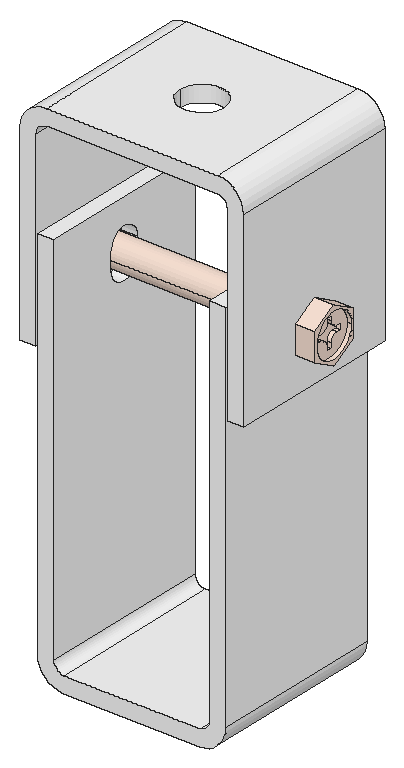
Revit family "60×30×10ボックスハンガー", category 機械設備, Revit 2020
Family settings
  丸型コネクタ寸法 = 直径を使用
  種別 = なし
  パーツ タイプ = 標準
  作業面ベース = いいえ
  常に垂直 = はい
  ロード時にボイドで切り取り = いいえ
  共有 = いいえ
  部屋計算ポイント = いいえ
Parameters
  製造元 = "株式会社桐井製作所"
  既定の高さ = 0 mm
  URL = "https://www.kirii.co.jp/"
  K_角度 [instance] = 90.00°
  K_材質 = "SGHC　一般用"
  K_品名 = "60×30×10ボックスハンガー"
  K_名称 = "その他ハンガー"
  K_入数 = "100"
  K_バージョン情報 = "20211012"
  K_めっき付着量 = "Z12"
  K_JIS規格 = "JIS G 3302"
Reference planes
  plane 1 "中心(正面/背面)": y = 0
  plane 2: z = 0
  plane 3 "中心(左/右)": x = 0
Dimensions and locks
  "K_角度": angle nested 1 to plane 2
  aligned and locked: level to plane 2
Nested families
  nested 1: "60BOXハンガー下部金具" at (0, 0, 0), type "60BOXハンガー下部金具"
  nested 2: "60BOXハンガー上部金具" at (0, 0, 0), type "60BOXハンガー上部金具"
Definition of nested family "60BOXハンガー下部金具"
  Parameters (values of type "60BOXハンガー下部金具")
    Manufacturer = "株式会社桐井製作所"
    Default Elevation = 0 mm
    URL = "https://www.kirii.co.jp/"
    K_名称 = "60ボックスハンガー下部金具"
    K_バージョン情報 = "20211012"
  Reference planes
    plane 1 "中心(正面/背面)": y = 0
    plane 2: z = 0
    plane 3 "中心(左/右)": x = 0
  Forms (mm)
    Extrusion 1, solid
      sketch origin (0, 0, 10.261) x (1, 0, 0) y (0, 0, 1)
        loop
          line (18.678, -75.061) -> (18.678, -0.261) -> (15.478, -0.261) -> (15.478, -75.061)
          arc (15.478, -75.061) -> (14.892, -76.475) -> (13.478, -77.061) r 2
          line (13.478, -77.061) -> (-13.522, -77.061)
          arc (-13.522, -77.061) -> (-14.936, -76.475) -> (-15.522, -75.061) r 2
          line (-15.522, -75.061) -> (-15.522, -0.261) -> (-18.722, -0.261) -> (-18.722, -75.061)
          arc (-18.722, -75.061) -> (-17.199, -78.738) -> (-13.522, -80.261) r 5.2
          line (-13.522, -80.261) -> (13.478, -80.261)
          arc (13.478, -80.261) -> (17.155, -78.738) -> (18.678, -75.061) r 5.2
      from -17.5 to 17.5
    Extrusion 2, void
      sketch origin (0, 0, 0) x (0, 1, 0) y (0, 0, 1)
        loop
          arc (3.5, 1.5) -> (0, 5) -> (-3.5, 1.5) r 3.5
          line (-3.5, 1.5) -> (-3.5, -1.5)
          arc (-3.5, -1.5) -> (0, -5) -> (3.5, -1.5) r 3.5
          line (3.5, -1.5) -> (3.5, 1.5)
      from 15.478 to 18.678
    Extrusion 3, void
      sketch origin (-34.2, 0, 0) x (0, 1, 0) y (0, 0, 1)
        loop
          arc (3.5, 1.5) -> (0, 5) -> (-3.5, 1.5) r 3.5
          line (-3.5, 1.5) -> (-3.5, -1.5)
          arc (-3.5, -1.5) -> (0, -5) -> (3.5, -1.5) r 3.5
          line (3.5, -1.5) -> (3.5, 1.5)
      from 15.478 to 18.678
  Cuts and joins
    Extrusion 2, Extrusion 3 cuts Extrusion 1
  Dimensions and locks
    aligned and locked: level to plane 2
  Nested families
    nested 1: "M6×55ボルト" at (22.178, 0.022, 0.2) x (0, 1, 0) z (0, 0, 1), type "M6×55ボルト"
    nested 2: "M6ナット" at (-26.222, 0.011, 0.2) x (0, 1, 0) z (0, 0, 1), type "M6ナット"
  Definition of nested family "M6×55ボルト"
    Parameters (values of type "M6×55ボルト")
      Manufacturer = "株式会社桐井製作所"
      Default Elevation = 0 mm
      URL = "https://www.kirii.co.jp/"
      K_名称 = "M6×55ボルト"
    Reference planes
      plane 1 "中心(正面/背面)": y = 0
      plane 2: z = 0
      plane 3 "中心(左/右)": x = 0
      plane 4 "正面": y = -4
    Forms (mm)
      Extrusion 1, solid
        sketch origin (0, 0, 0) x (1, 0, 0) y (0, 0, 1)
          loop
            line (-4.763, -2.946) -> (0, -5.696) -> (4.763, -2.946) -> (4.763, 2.554) -> (0, 5.304) -> (-4.763, 2.554) -> (-4.763, -2.946)
        from 0 to 4
      Extrusion 2, void
        sketch origin (0, -4, 0) x (-1, 0, 0) y (0, 0, 1)
          loop
            circle (0, -0.156) r 4.396
        from 0 to 1
      Extrusion 3, void
        sketch origin (0, -4, 0) x (-1, 0, 0) y (0, 0, 1)
          loop
            arc (-0.6, 1.814) -> (-1.069, 0.856) -> (-2.036, 0.404) r 1.605
            line (-2.036, 0.404) -> (-2.939, 0.404)
            arc (-2.939, 0.404) -> (-3, -0.195) -> (-2.94, -0.795) r 3
            line (-2.94, -0.795) -> (-2.049, -0.795)
            arc (-2.049, -0.795) -> (-1.074, -1.243) -> (-0.6, -2.206) r 1.605
            line (-0.6, -2.206) -> (-0.6, -3.135)
            arc (-0.6, -3.135) -> (0, -3.196) -> (0.6, -3.135) r 3
            line (0.6, -3.135) -> (0.6, -2.206)
            arc (0.6, -2.206) -> (1.074, -1.243) -> (2.049, -0.795) r 1.605
            line (2.049, -0.795) -> (2.94, -0.795)
            arc (2.94, -0.795) -> (3, -0.198) -> (2.941, 0.398) r 3
            line (2.941, 0.398) -> (2.117, 0.398)
            arc (2.117, 0.398) -> (1.098, 0.828) -> (0.6, 1.814) r 1.605
            line (0.6, 1.814) -> (0.6, 2.743)
            arc (0.6, 2.743) -> (0, 2.804) -> (-0.6, 2.743) r 3
            line (-0.6, 2.743) -> (-0.6, 1.814)
        from 0 to 2
      Extrusion 4, solid
        sketch origin (0, 0, 0) x (1, 0, 0) y (0, 0, 1)
          loop
            circle (-0.011, -0.2) r 3
        from 0 to -55
    Cuts and joins
      Extrusion 2, Extrusion 3 cuts Extrusion 1
      joined: Extrusion 1, Extrusion 4
    Dimensions and locks
      aligned and locked: level to plane 2
  Definition of nested family "M6ナット"
    Parameters (values of type "M6ナット")
      Manufacturer = "株式会社桐井製作所"
      Default Elevation = 0 mm
      URL = "https://www.kirii.co.jp/"
      K_名称 = "M6ナット"
    Reference planes
      plane 1 "中心(正面/背面)": y = 0
      plane 2: z = 0
      plane 3 "中心(左/右)": x = 0
      plane 4 "正面": y = -4
    Forms (mm)
      Extrusion 1, solid
        sketch origin (0, 0, 0) x (1, 0, 0) y (0, 0, 1)
          loop
            line (-4.763, -2.946) -> (0, -5.696) -> (4.763, -2.946) -> (4.763, 2.554) -> (0, 5.304) -> (-4.763, 2.554) -> (-4.763, -2.946)
        from 0 to 4
      Extrusion 2, void
        sketch origin (0, 0, 0) x (1, 0, 0) y (0, 0, 1)
          loop
            circle (-0.011, -0.2) r 3
        from 0 to 4
    Cuts and joins
      Extrusion 2 cuts Extrusion 1
    Dimensions and locks
      aligned and locked: level to plane 2
Definition of nested family "60BOXハンガー上部金具"
  Parameters (values of type "60BOXハンガー上部金具")
    Manufacturer = "株式会社桐井製作所"
    Default Elevation = 0 mm
    URL = "https://www.kirii.co.jp/"
    K_名称 = "60ボックスハンガー下部金具"
    K_バージョン情報 = "20211012"
  Reference planes
    plane 1 "中心(正面/背面)": y = 0
    plane 2: z = 0
    plane 3 "中心(左/右)": x = 0
  Forms (mm)
    Extrusion 1, solid
      sketch origin (0, 0, 0) x (1, 0, 0) y (0, 0, 1)
        loop
          line (-19, -10.052) -> (-19, 27.748)
          arc (-19, 27.748) -> (-18.414, 29.162) -> (-17, 29.748) r 2
          line (-17, 29.748) -> (17, 29.748)
          arc (17, 29.748) -> (18.414, 29.162) -> (19, 27.748) r 2
          line (19, 27.748) -> (19, -10.052) -> (22.2, -10.052) -> (22.2, 27.748)
          arc (22.2, 27.748) -> (20.677, 31.425) -> (17, 32.948) r 5.2
          line (17, 32.948) -> (-17, 32.948)
          arc (-17, 32.948) -> (-20.677, 31.425) -> (-22.2, 27.748) r 5.2
          line (-22.2, 27.748) -> (-22.2, -10.052) -> (-19, -10.052)
      from -17.5 to 17.5
    Extrusion 2, void
      sketch origin (0, 0, 0) x (0, 1, 0) y (0, 0, 1)
        loop
          arc (3.5, 1.5) -> (0, 5) -> (-3.5, 1.5) r 3.5
          line (-3.5, 1.5) -> (-3.5, -1.5)
          arc (-3.5, -1.5) -> (0, -5) -> (3.5, -1.5) r 3.5
          line (3.5, -1.5) -> (3.5, 1.5)
      from 19 to 22.2
    Extrusion 3, void
      sketch origin (-41.2, 0, 0) x (0, 1, 0) y (0, 0, 1)
        loop
          arc (3.5, 1.5) -> (0, 5) -> (-3.5, 1.5) r 3.5
          line (-3.5, 1.5) -> (-3.5, -1.5)
          arc (-3.5, -1.5) -> (0, -5) -> (3.5, -1.5) r 3.5
          line (3.5, -1.5) -> (3.5, 1.5)
      from 19 to 22.2
    Extrusion 4, void
      sketch origin (0, 0, 0) x (1, 0, 0) y (0, 1, 0)
        loop
          circle (0, 0) r 4.5
      from 29.748 to 32.948
  Cuts and joins
    Extrusion 2, Extrusion 3, Extrusion 4 cuts Extrusion 1
  Dimensions and locks
    aligned and locked: level to plane 2
